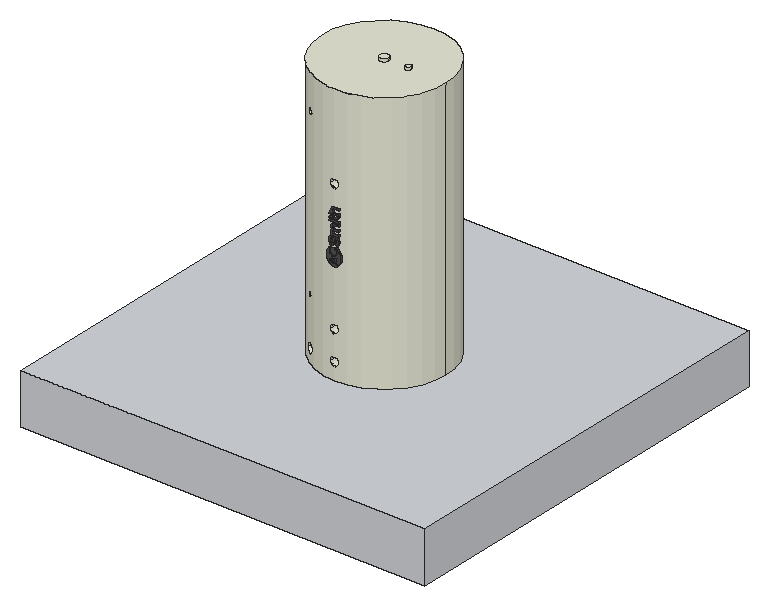
Revit family
Parameters
  Working Pressure = 150.00 psi
  Water Pressure Drop [instance] = 0.00 psi
  Water Flow [instance] = 0 GPM
  Volume = 119.0 gal
  URL = "http://www.hotwater.com"
  T & P Opening Radius = 0' - 0 1/2"
  T & P Opening Height = 4' - 6"
  Recirculation Water Inlet Connection Radius = Recirculation Water Connection NPT / 2  # 0' - 1"
  Recirculation Water Connection NPT = 2"
  Lining = "Glass"
  Recirculation Inlet Height = 0' - 3 1/2"
  Nominal Radius = Nominal Diameter / 2  # 1' - 2 11/16"
  Nominal Height = 5' - 2"
  Shipping Weight (lbs) = 320
  Product URL = "http://www.hotwater.com/products/storage/st-jacketed.html"
  OmniClass = "23-65 20 11 17"
  Nominal Diameter = 2' - 5 3/8"
  Model = "TJV-120M"
  Manufacturer = "A. O. Smith"
  Location [instance] = ""
  Hot Water Outlet Connection Height = 3' - 6"
  Hot Water Inlet Connection Offset = 0' - 6 7/8"
  Hot Water Inlet Connection Height = 0' - 4 1/8"
  Hot Water Connection Radius = Hot Water Connection NPT / 2  # 0' - 1"
  Hot Water Connection NPT = 2"
  Cold Water Connection Radius = Cold Water Connection NPT / 2  # 0' - 1"
  Cold Water Connection NPT = 2"
  3/4" Opening Vertical Offset = 0' - 11 1/2"
  Description = "Commercial Jacketed and Insulated Storage Tank"
  Default Elevation = 0' - 0"
  CADworks URL = "http://www.CADworks.net"
  Assembly Code = "D2020200"
Reference planes (in)
  plane 1 "Center (Front/Back)": y = 0
  plane 2: z = 0
  plane 3 "Center (Left/Right)": x = 0
  plane 4: x = 14.6875
  plane 5: x = -14.6875
  plane 6: z = 62
  plane 7: y = 14.6875
  plane 8: y = -14.6875
  plane 9: x = -5.75
  plane 10: x = 5.75
  plane 11: z = 3.5
  plane 12: z = 4.125
  plane 13: x = -10.25
  plane 14: z = 42
  plane 15: z = 62.5
  plane 16: z = 11
  plane 17: through (0, 0, 48) normal (0.866, -0.5, 0)
  plane 18: x = 0
  plane 19: through (-0.32476, 0.1875, 48) normal (0.5, 0.866, 0)
  plane 20: z = 54
  plane 21: through (-0.27409, -0.47474, 98.5) normal (0.866, -0.5, 0)
  plane 22: z = 15
  plane 23: through (0, 0, 59.5) normal (0.866, -0.5, 0)
  plane 24: x = 0
  plane 25: through (-0.32476, 0.1875, 59.5) normal (0.5, 0.866, 0)
  plane 26: z = 31
  plane 27: through (0, 0, 48) normal (-0.5, -0.866, 0)
Forms (in)
  Extrusion 1, solid
    sketch origin (0, 0, 0) x (1, 0, 0) y (0, 1, 0)
      loop
        line (-48, 48) -> (-48, -48) -> (48, -48) -> (48, 48) -> (-48, 48)
    from 0 to -12
  Extrusion 2, solid, material "Carbon Steel"
    sketch origin (0, 0, 0) x (1, 0, 0) y (0, 1, 0)
      loop
        circle (0, 0) r 14.6875
    from 0 to 62
  Extrusion 3, solid, material "Carbon Steel"
    sketch origin (0, 0, 55) x (1, 0, 0) y (0, 1, 0)
      loop
        circle (0, 0) r 1
    from 7 to 7.5
  Extrusion 4, solid, material "Carbon Steel", detail levels fine
    sketch origin (0, 0, 55) x (1, 0, 0) y (0, 1, 0)
      loop
        circle (5.75, 0) r 0.625
    from 7 to 7.5
  Extrusion 5, void
    sketch origin (0, -13.25, 0) x (1, 0, 0) y (0, 0, 1)
      loop
        circle (0, 4.125) r 1
    from -0.5625 to 1.4375
  Extrusion 6, void
    sketch origin (0, 13.25, 0) x (1, 0, 0) y (0, 0, -1)
      loop
        circle (0, -4.125) r 1
    from -0.5625 to 1.4375
  Extrusion 7, void
    sketch origin (0, -13.25, 39) x (1, 0, 0) y (0, 0, 1)
      loop
        circle (0, 3) r 1
    from -0.5625 to 1.4375
  Extrusion 8, void
    sketch origin (0, -13.25, 6.875) x (1, 0, 0) y (0, 0, 1)
      loop
        circle (0, 4.125) r 1
    from -0.5625 to 1.4375
  Revolve 9, void
    sketch origin (-60, -180, 3.5) x (0, -1, 0) y (1, 0, 0)
      loop
        line (-169.14925, 52.58062) -> (-167.75946, 51.77822) -> (-167.25946, 52.64424) -> (-168.64925, 53.44664) -> (-169.14925, 52.58062)
      axis (-168.64925, 53.44664) -> (-167.25946, 52.64424)
    angle from 0 to 360
  Revolve 10, void
    sketch origin (64, -180, 54) x (-1, 0, 0) y (0, -1, 0)
      loop
        line (71.55336, -166.9172) -> (70.55336, -168.64925) -> (70.98637, -168.89925) -> (71.98637, -167.1672) -> (71.55336, -166.9172)
      axis (70.55336, -168.64925) -> (71.55336, -166.9172)
    angle from 0 to 360
  Revolve 11, void
    sketch origin (-60, -180, 15) x (0, -1, 0) y (1, 0, 0)
      loop
        line (-168.83675, 53.12188) -> (-167.11309, 52.12673) -> (-166.92559, 52.45148) -> (-168.64925, 53.44664) -> (-168.83675, 53.12188)
      axis (-168.64925, 53.44664) -> (-166.92559, 52.45148)
    angle from 0 to 360
Cuts and joins
  Extrusion 5, Extrusion 6, Extrusion 7, Extrusion 8, Revolve 9, Revolve 10, Revolve 11 cuts Extrusion 2
Dimensions and locks (in)
  "Nominal Height": plane 6 to level
  "Nominal Diameter": plane 5 to plane 4
  "Nominal Diameter": plane 7 to plane 8
  equal spacing: plane 7, plane 1 "Center (Front/Back)", plane 8
  equal spacing: plane 5, plane 3 "Center (Left/Right)", plane 4
  "Recirculation Inlet Height": plane 11 to level
  "Hot Water Inlet Connection Height": plane 12 to level
  "Hot Water Outlet Connection Height": plane 14 to Extrusion 1
  plane 14 to Extrusion 7 sketch curve = 0' - 0"
  locked: plane 15 to plane 6 at 0.5
  "Hot Water Inlet Connection Offset": plane 16 to plane 12
  "Recirculation Water Inlet Connection Radius": Revolve 9 sketch curve to Revolve 9 sketch curve
  locked: plane 19 to Revolve 9 sketch curve at 13.10671
  locked: plane 18 to plane 3 "Center (Left/Right)" at 0
  "T & P Opening Height": plane 20 to Extrusion 1
  "3/4" Opening Vertical Offset": plane 22 to plane 11
  locked: Revolve 11 sketch curve to Revolve 11 sketch curve at 0.375
  locked: plane 25 to Revolve 11 sketch curve at 13.10671
  locked: Revolve 11 sketch curve to Revolve 11 sketch curve at 1.99032
  locked: Extrusion 2 sketch curve to plane 1 "Center (Front/Back)" at 0
  locked: Extrusion 2 sketch curve to plane 3 "Center (Left/Right)" at 0
  locked: Extrusion 3 sketch curve to plane 1 "Center (Front/Back)" at 0
  locked: Extrusion 3 sketch curve to plane 3 "Center (Left/Right)" at 0
  locked: Extrusion 4 sketch curve to plane 1 "Center (Front/Back)" at 0
  locked: Extrusion 4 sketch curve to plane 10 at 0
  locked: Extrusion 5 sketch curve to plane 3 "Center (Left/Right)" at 0
  locked: Extrusion 5 sketch curve to plane 12 at 0
  locked: Extrusion 6 sketch curve to plane 3 "Center (Left/Right)" at 0
  locked: Extrusion 6 sketch curve to plane 12 at 0
  locked: Extrusion 7 sketch curve to plane 3 "Center (Left/Right)" at 0
  locked: Extrusion 8 sketch curve to plane 3 "Center (Left/Right)" at 0
  locked: Extrusion 8 sketch curve to plane 16 at 0
  locked: Revolve 10 sketch curve to Revolve 10 sketch curve at 2
  "T & P Opening Radius": plane 21 to Revolve 10 sketch curve
  locked: Revolve 10 sketch curve to plane 27 at 13.10671
  locked: Revolve 10 sketch curve to plane 27 at 4.25
  locked: plane 26 to plane 2 at 31
  locked: plane 8 to Extrusion 7 at 2
  locked: Extrusion 8 to plane 8 at 2
  Extrusion 5 to plane 8 = 0' - 2"
  locked: plane 7 to Extrusion 6 at 2
  locked: Revolve 9 sketch curve to Revolve 9 sketch curve at 1.6048
  "Nominal Radius": radius of Extrusion 2 sketch curve
  "Hot Water Connection Radius": radius of Extrusion 7 sketch curve
  "Hot Water Connection Radius": radius of Extrusion 5 sketch curve
  "Hot Water Connection Radius": radius of Extrusion 6 sketch curve
  "Hot Water Connection Radius": radius of Extrusion 3 sketch curve
  "Hot Water Connection Radius": radius of Extrusion 8 sketch curve
  locked: plane 17 to plane 18 (angle 30.00°)
  locked: plane 23 to plane 24 (angle 30.00°)
  locked: plane 1 "Center (Front/Back)" to plane 21 (angle 60.00°)
  locked: plane 21 to plane 27 (angle 90.00°)
  angle plane 3 "Center (Left/Right)" to plane 27 to plane 1 "Center (Front/Back)" = 60.00° locked, 30.00° locked
  aligned and locked: plane 2 to Extrusion 1
  aligned and locked: level to Extrusion 1
  aligned and locked: Extrusion 2 to plane 6
  aligned and locked: plane 6 to Extrusion 2  (x2)
  aligned and locked: Extrusion 2 to level
  aligned and locked: plane 6 to Extrusion 3
  aligned and locked: plane 6 to Extrusion 4
  aligned and locked: Extrusion 3 to plane 6
  aligned and locked: Extrusion 4 to plane 6
  aligned and locked: plane 15 to Extrusion 3
  aligned and locked: plane 15 to Extrusion 4
  aligned and locked: plane 17 to Revolve 9 sketch curve
  aligned and locked: plane 23 to Revolve 11 sketch curve
  aligned and locked: plane 8 to nested 1
  aligned and locked: plane 3 "Center (Left/Right)" to nested 1
  aligned and locked: nested 1 to plane 26
  aligned and locked: plane 21 to Revolve 10 sketch curve  (x2)
  aligned and locked: Revolve 10 sketch curve to plane 21
  aligned and locked: plane 8 to Extrusion 7
  aligned and locked: plane 8 to Extrusion 8
  aligned and locked: Extrusion 5 to cut or joined group of Extrusion 2, Extrusion 5, Extrusion 6, Extrusion 7, Extrusion 8, Revolve 9, Revolve 10, Revolve 11
  aligned and locked: plane 8 to Extrusion 5
  aligned and locked: plane 7 to Extrusion 6
Automatic sketch dimensions
  Extrusion 1 sketch curve to Extrusion 1 sketch curve = 8' - 0"  (x2)
  Revolve 10 sketch curve to plane 3 "Center (Left/Right)" = 0' - 1 3/8"
  Revolve 11 sketch curve to plane 1 "Center (Front/Back)" = 0' - 0"
  Revolve 11 sketch curve to plane 23 = 0' - 0"
  Revolve 11 sketch curve to plane 3 "Center (Left/Right)" = 0' - 0"
  Revolve 11 sketch curve to plane 3 "Center (Left/Right)" = 0' - 1 1/2"
  Revolve 9 sketch curve to plane 1 "Center (Front/Back)" = 0' - 0"
  Revolve 9 sketch curve to plane 17 = 0' - 0"
  Revolve 9 sketch curve to plane 3 "Center (Left/Right)" = 0' - 0"
  Revolve 9 sketch curve to plane 3 "Center (Left/Right)" = 0' - 1 1/2"
  radius of Extrusion 4 sketch curve = 0' - 0 5/8"
Nested families (in)
  nested 1: "AOSmith Logo - solid vertical" at (0, -14.6875, 30.75309), type "AOSmith Logo - solid vertical"
Connectors (in)
  piping at (0, -14.6875, 4.125), driven by "Water Flow", driven by "Water Pressure Drop", driven by "Cold Water Connection Radius"
    settings: on Extrusion 5, index 5
  piping at (0, 14.6875, 4.125), driven by "Water Flow", driven by "Cold Water Connection Radius", driven by "Water Pressure Drop"
    settings: on Extrusion 6, index 6
  piping at (0, 0, 62.5), driven by "Water Flow", driven by "Hot Water Connection Radius"
    settings: on Extrusion 3, index 9
  piping at (0, -14.6875, 11), driven by "Water Flow", driven by "Water Pressure Drop", driven by "Hot Water Connection Radius"
    settings: on Extrusion 8, index 10
  piping at (-7.35576, -12.74054, 3.5), driven by "Water Flow", driven by "Water Pressure Drop", driven by "Recirculation Water Inlet Connection Radius"
    settings: on Revolve 9, index 11
Definition of nested family "AOSmith Logo - solid vertical"
  Reference planes (in)
    plane 1 "Center (Front/Back)": y = 0
    plane 2: z = 0
    plane 3 "Center (Left/Right)": x = 0
  Forms (in)
    Extrusion 1, solid, material "Metal Logo"
      sketch origin (0.04943, -1.09378, 0.17642) x (0, 0, 1) y (-1, 0, 0)
        loop
          line (-5.15664, 1.10381) -> (-4.28751, -0.94808) -> (-4.69588, -0.94808) -> (-4.85284, -0.56254) -> (-5.72224, -0.56254) -> (-5.92466, -1.08988)
          spline (-5.92466, -1.08988) -> (-5.65179, -1.31076) -> (-5.33563, -1.48641) -> (-4.98669, -1.61098) -> (-4.61658, -1.68035) -> (-4.2376, -1.69219) -> (-3.86236, -1.64612) -> (-3.50333, -1.54367) -> (-3.17246, -1.38824) -> (-2.88074, -1.18501) -> (-2.63788, -0.94072) -> (-2.45195, -0.66352) -> (-2.32914, -0.3626)
          spline (-2.32914, -0.3626) -> (-2.62089, -0.73793) -> (-3.05041, -0.9555) -> (-3.5346, -0.97321) -> (-3.9798, -0.78766) -> (-4.29986, -0.43472) -> (-4.43289, 0.01732) -> (-4.35313, 0.48101) -> (-4.07603, 0.86664) -> (-3.65518, 1.09962) -> (-3.17201, 1.13487) -> (-2.71998, 0.96558) -> (-2.38655, 0.62448)
          spline (-2.38655, 0.62448) -> (-2.64477, 1.04792) -> (-3.02978, 1.39711) -> (-3.51295, 1.6461) -> (-4.05836, 1.77637) -> (-4.62544, 1.77823) -> (-5.17205, 1.65155) -> (-5.65753, 1.40575) -> (-6.04579, 1.05909) -> (-6.30796, 0.63737) -> (-6.42454, 0.17192) -> (-6.38686, -0.30263) -> (-6.19774, -0.751)
          line (-6.19774, -0.751) -> (-5.3872, 1.10381) -> (-5.15664, 1.10381)
        loop
          line (-4.98675, -0.22262) -> (-5.28394, 0.51295) -> (-5.58461, -0.22262) -> (-4.98675, -0.22262)
        loop
          circle (-3.33301, 0.07735) r 0.70855
        loop
          line (0.07049, 0.699) -> (0.07049, -1.0382) -> (0.44523, -1.0382) -> (0.44523, -0.04762)
          arc (0.44523, -0.04762) -> (0.55418, 0.21542) -> (0.81721, 0.32437) r 0.37199
          line (0.81721, 0.32437) -> (0.94249, 0.32437)
          arc (0.94249, 0.32437) -> (1.08592, 0.26496) -> (1.14533, 0.12152) r 0.20285
          line (1.14533, 0.12152) -> (1.14533, -1.0382) -> (1.52003, -1.0382) -> (1.52003, -0.05033)
          arc (1.52003, -0.05033) -> (1.62978, 0.21463) -> (1.89474, 0.32437) r 0.3747
          line (1.89474, 0.32437) -> (2.02653, 0.32437)
          arc (2.02653, 0.32437) -> (2.1635, 0.26764) -> (2.22024, 0.13066) r 0.19372
          line (2.22024, 0.13066) -> (2.22024, -1.0382) -> (2.5911, -1.0382) -> (2.5911, 0.15485)
          arc (2.5911, 0.15485) -> (2.43172, 0.53962) -> (2.04695, 0.699) r 0.54415
          line (2.04695, 0.699) -> (1.87396, 0.699)
          arc (1.87396, 0.699) -> (1.61809, 0.64996) -> (1.39848, 0.50978) r 0.69204
          arc (1.39848, 0.50978) -> (1.1998, 0.64966) -> (0.96189, 0.699) r 0.59829
          line (0.96189, 0.699) -> (0.78538, 0.699)
          arc (0.78538, 0.699) -> (0.61447, 0.665) -> (0.46959, 0.56819) r 0.44659
          line (0.46959, 0.56819) -> (0.44541, 0.54402) -> (0.44541, 0.699) -> (0.07049, 0.699)
        loop
          line (2.93486, 0.699) -> (2.93486, -1.0382) -> (3.30624, -1.0382) -> (3.30624, 0.699) -> (2.93486, 0.699)
        loop
          line (3.30624, 1.06758) -> (2.93486, 1.28181) -> (2.93486, 0.88826) -> (3.30624, 0.88826) -> (3.30624, 1.06758)
        loop
          line (3.65454, 1.28181) -> (3.65454, -0.50864)
          arc (3.65454, -0.50864) -> (3.80964, -0.8831) -> (4.18409, -1.0382) r 0.52956
          line (4.18409, -1.0382) -> (4.23722, -1.0382) -> (4.23722, -0.66353) -> (4.19001, -0.66353)
          arc (4.19001, -0.66353) -> (4.07098, -0.61422) -> (4.02167, -0.49519) r 0.16833
          line (4.02167, -0.49519) -> (4.02167, 0.32437) -> (4.23722, 0.32437) -> (4.23722, 0.699) -> (4.02167, 0.699) -> (4.02167, 1.06899) -> (3.65454, 1.28181)
        loop
          line (4.54761, 1.27797) -> (4.54761, -1.0382) -> (4.92265, -1.0382) -> (4.92265, 0.32437) -> (5.52225, 0.32437)
          arc (5.52225, 0.32437) -> (5.64953, 0.27165) -> (5.70225, 0.14438) r 0.18
          line (5.70225, 0.14438) -> (5.70225, -1.0382) -> (6.07684, -1.0382) -> (6.07684, 0.14024)
          arc (6.07684, 0.14024) -> (5.91207, 0.53802) -> (5.51429, 0.70278) r 0.56254
          line (5.51429, 0.70278) -> (4.92265, 0.70278) -> (4.92265, 1.05127) -> (4.54761, 1.27797)
        loop
          arc (-2.09906, -0.6787) -> (-1.66118, -0.97612) -> (-1.14432, -1.09038) r 1.40486
          arc (-1.14432, -1.09038) -> (-0.69016, -1.0078) -> (-0.30807, -0.74881) r 1.11811
          arc (-0.30807, -0.74881) -> (-0.2054, -0.55763) -> (-0.16116, -0.34519) r 0.75731
          arc (-0.16116, -0.34519) -> (-0.21756, -0.07416) -> (-0.40393, 0.13055) r 0.52522
          arc (-0.40393, 0.13055) -> (-0.54943, 0.20327) -> (-0.70666, 0.245) r 0.79829
          line (-0.70666, 0.245) -> (-1.30285, 0.33957)
          arc (-1.30285, 0.33957) -> (-1.41087, 0.36752) -> (-1.51158, 0.41554) r 0.5828
          arc (-1.51158, 0.41554) -> (-1.57827, 0.48618) -> (-1.59854, 0.58118) r 0.17997
          arc (-1.59854, 0.58118) -> (-1.55691, 0.7101) -> (-1.45872, 0.80343) r 0.27463
          arc (-1.45872, 0.80343) -> (-1.29989, 0.86642) -> (-1.13008, 0.88537) r 0.64309
          arc (-1.13008, 0.88537) -> (-0.80142, 0.8117) -> (-0.52676, 0.61675) r 0.85453
          line (-0.52676, 0.61675) -> (-0.22162, 0.89)
          arc (-0.22162, 0.89) -> (-0.43461, 1.05522) -> (-0.68048, 1.16571) r 1.13807
          arc (-0.68048, 1.16571) -> (-0.89215, 1.21465) -> (-1.1088, 1.23077) r 1.42226
          arc (-1.1088, 1.23077) -> (-1.27415, 1.22048) -> (-1.43707, 1.19047) r 1.3812
          arc (-1.43707, 1.19047) -> (-1.58317, 1.14176) -> (-1.71971, 1.0705) r 0.96819
          arc (-1.71971, 1.0705) -> (-1.8542, 0.96328) -> (-1.96141, 0.82879) r 0.76695
          arc (-1.96141, 0.82879) -> (-2.01767, 0.69979) -> (-2.03345, 0.55995) r 0.47264
          arc (-2.03345, 0.55995) -> (-2.00935, 0.3999) -> (-1.95019, 0.24924) r 0.72173
          arc (-1.95019, 0.24924) -> (-1.91317, 0.19264) -> (-1.86634, 0.14384) r 0.36523
          arc (-1.86634, 0.14384) -> (-1.77044, 0.07812) -> (-1.66557, 0.02792) r 0.75451
          arc (-1.66557, 0.02792) -> (-1.53166, -0.0158) -> (-1.39383, -0.04489) r 1.31033
          line (-1.39383, -0.04489) -> (-0.9, -0.12323)
          arc (-0.9, -0.12323) -> (-0.79776, -0.14806) -> (-0.70085, -0.18903) r 0.65102
          arc (-0.70085, -0.18903) -> (-0.62194, -0.26234) -> (-0.59426, -0.36643) r 0.1941
          arc (-0.59426, -0.36643) -> (-0.63471, -0.50648) -> (-0.73937, -0.60793) r 0.28361
          arc (-0.73937, -0.60793) -> (-0.92665, -0.68023) -> (-1.12666, -0.69735) r 0.71165
          arc (-1.12666, -0.69735) -> (-1.48489, -0.60932) -> (-1.78713, -0.39783) r 1.00373
          line (-1.78713, -0.39783) -> (-2.09906, -0.6787)
      from -1.09378 to -0.84378
  Dimensions and locks (in)
    locked: Extrusion 1 to plane 1 "Center (Front/Back)" at 0.25
    aligned and locked: Extrusion 1 to plane 1 "Center (Front/Back)"
